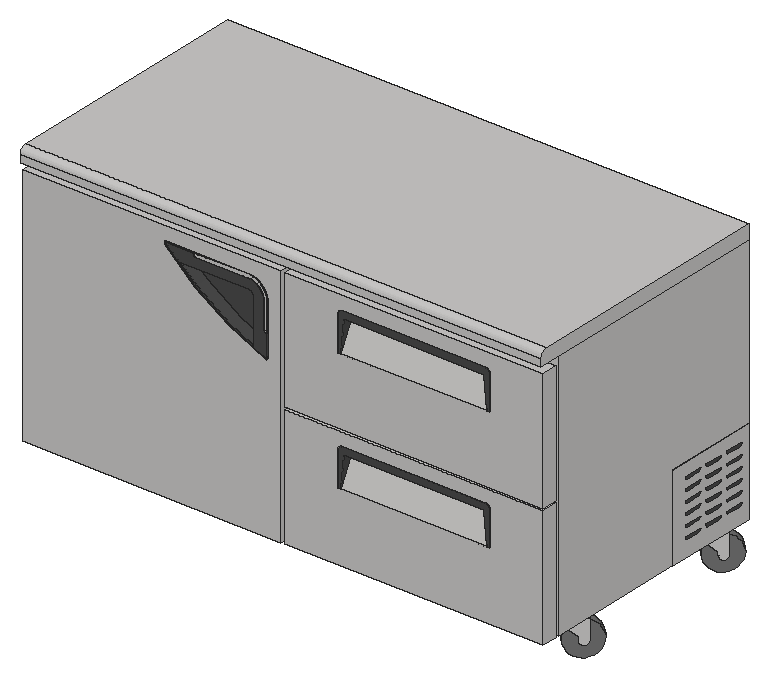
Revit family "QF_Turbo Air_TUR-60SD-D2", category Specialty Equipment, Revit 2012
Parameters
  Weight in Pounds = 288
  Watermarked By = "http://revitwatermark.com"
  Volts = 115 V
  URL Cutsheet = ""
  URL = "www.turboairinc.com"
  Status [instance] = ""
  Specification by User [instance] = ""
  Specification by Manufacturer [instance] = ""
  Serial Number [instance] = ""
  Revision Code [instance] = ""
  Phase = 1
  Number of Poles [instance] = 1
  NAFEM Spec ID Number [instance] = ""
  Model = "TUR-60SD-D2"
  Masterspec [instance] = ""
  Manufacturer = "Turbo Air"  # constant formula
  Legs [instance] = [6 inch Legs]  # no
  Item Number [instance] = "-"
  Installed By [instance] = ""
  HP = "1/3"
  Furnished By [instance] = ""
  Foodservice Equipment Identifier = yes
  FL Amps = 8.9 A
  Electrical Remarks [instance] = ""
  Electric Connection Type [instance] = ""
  Elec Conn RI Height [instance] = 0' - 0"
  Elec Conn Connection Height = 1' - 0"
  Description = "Undercounter Refrigerator"
  Cycle = 60 Hz
  Conn Plug = "NEMA 5-15P"
  Casters [instance] = not(Legs)  # yes
  CasterLeg Height [instance] = if([4 inch Casters], 0' 5", if([5 inch Casters], 0' 5 3/4", if([2_5 inch Casters], 0' 3 3/8", 0' 6")))  # 0' - 5"
  CSI MasterFormat = "11 41 13"
  Assembly Code = "E1090320"
  Apparent Power = if(Phase = 3, Volts * FL Amps * 1.73, Volts * FL Amps)  # 1023.5 VA
  6 inch Legs [instance] = no
  5 inch Casters [instance] = no
  4 inch Casters [instance] = yes
  2_5 inch Casters [instance] = no
Reference planes (in)
  plane 1 "BACK": y = 0
  plane 2: z = 0
  plane 3 "LEFT": x = -20.78844
  plane 4 "Bottom": z = 5
  plane 5 "Back Stops": y = 1
  plane 6 "RIGHT": x = 39.46156
  plane 7 "FRONT": y = -30
  plane 8 "Door Clearance": y = -57.875
  plane 9 "Back of Door": y = -27.875
  plane 10 "Front of Box": y = -27.375
  plane 11 "Top of Door": z = 33.125
  plane 12 "TOP": z = 35.625
  plane 13 "Bottom of TOP": z = 34
  plane 14 "Center LR": x = 9.33656
  plane 15: x = 9.52406
  plane 16: x = 9.14906
  plane 17: y = -42.75
Forms (in)
  Extrusion 1, solid, material "QF_Finishes_Stainless Steel"
    sketch origin (-20.78844, 0, 0) x (0, 1, 0) y (0, 0, 1)
      loop
        line (0, 5) -> (0, 34) -> (-27.375, 34) -> (-27.375, 5) -> (0, 5)
    from 0 to 60.25
  Extrusion 2, solid, material "QF_Finishes_Black"
    sketch origin (0, -27.375, 0) x (1, 0, 0) y (0, 0, 1)
      loop
        line (-19.78844, 32.125) -> (-19.78844, 6) -> (8.14906, 6) -> (8.14906, 32.125) -> (-19.78844, 32.125)
      loop
        line (10.52406, 32.125) -> (10.52406, 6) -> (38.46156, 6) -> (38.46156, 32.125) -> (10.52406, 32.125)
    from 0 to 0.5
  Extrusion 3, void
    sketch origin (39.46156, 0, 0) x (0, 1, 0) y (0, 0, 1)
      loop
        line (0, 5) -> (0, 15) -> (-11, 15) -> (-11, 5) -> (0, 5)
    from 0 to -1
  Extrusion 4, solid, material "QF_Finishes_Stainless Steel"
    sketch origin (39.46156, 0, 0) x (0, 1, 0) y (0, 0, 1)
      loop
        line (-10.875, 14.875) -> (-10.875, 5) -> (0, 5) -> (0, 14.875) -> (-10.875, 14.875)
      loop
        arc (-9.25, 13.5) -> (-9.10355, 13.14645) -> (-8.75, 13) r 0.5
        line (-8.75, 13) -> (-7.25, 13)
        arc (-7.25, 13) -> (-6.89645, 13.14645) -> (-6.75, 13.5) r 0.5
        line (-6.75, 13.5) -> (-9.25, 13.5)
      loop
        arc (-6.25, 13.5) -> (-6.10355, 13.14645) -> (-5.75, 13) r 0.5
        line (-5.75, 13) -> (-4.25, 13)
        arc (-4.25, 13) -> (-3.89645, 13.14645) -> (-3.75, 13.5) r 0.5
        line (-3.75, 13.5) -> (-6.25, 13.5)
      loop
        arc (-3.25, 13.5) -> (-3.10355, 13.14645) -> (-2.75, 13) r 0.5
        line (-2.75, 13) -> (-1.25, 13)
        arc (-1.25, 13) -> (-0.89645, 13.14645) -> (-0.75, 13.5) r 0.5
        line (-0.75, 13.5) -> (-3.25, 13.5)
      loop
        arc (-9.25, 12.25) -> (-9.10355, 11.89645) -> (-8.75, 11.75) r 0.5
        line (-8.75, 11.75) -> (-7.25, 11.75)
        arc (-7.25, 11.75) -> (-6.89645, 11.89645) -> (-6.75, 12.25) r 0.5
        line (-6.75, 12.25) -> (-9.25, 12.25)
      loop
        arc (-6.25, 12.25) -> (-6.10355, 11.89645) -> (-5.75, 11.75) r 0.5
        line (-5.75, 11.75) -> (-4.25, 11.75)
        arc (-4.25, 11.75) -> (-3.89645, 11.89645) -> (-3.75, 12.25) r 0.5
        line (-3.75, 12.25) -> (-6.25, 12.25)
      loop
        arc (-3.25, 12.25) -> (-3.10355, 11.89645) -> (-2.75, 11.75) r 0.5
        line (-2.75, 11.75) -> (-1.25, 11.75)
        arc (-1.25, 11.75) -> (-0.89645, 11.89645) -> (-0.75, 12.25) r 0.5
        line (-0.75, 12.25) -> (-3.25, 12.25)
      loop
        arc (-9.25, 11) -> (-9.10355, 10.64645) -> (-8.75, 10.5) r 0.5
        line (-8.75, 10.5) -> (-7.25, 10.5)
        arc (-7.25, 10.5) -> (-6.89645, 10.64645) -> (-6.75, 11) r 0.5
        line (-6.75, 11) -> (-9.25, 11)
      loop
        arc (-6.25, 11) -> (-6.10355, 10.64645) -> (-5.75, 10.5) r 0.5
        line (-5.75, 10.5) -> (-4.25, 10.5)
        arc (-4.25, 10.5) -> (-3.89645, 10.64645) -> (-3.75, 11) r 0.5
        line (-3.75, 11) -> (-6.25, 11)
      loop
        arc (-3.25, 11) -> (-3.10355, 10.64645) -> (-2.75, 10.5) r 0.5
        line (-2.75, 10.5) -> (-1.25, 10.5)
        arc (-1.25, 10.5) -> (-0.89645, 10.64645) -> (-0.75, 11) r 0.5
        line (-0.75, 11) -> (-3.25, 11)
      loop
        arc (-9.25, 9.75) -> (-9.10355, 9.39645) -> (-8.75, 9.25) r 0.5
        line (-8.75, 9.25) -> (-7.25, 9.25)
        arc (-7.25, 9.25) -> (-6.89645, 9.39645) -> (-6.75, 9.75) r 0.5
        line (-6.75, 9.75) -> (-9.25, 9.75)
      loop
        arc (-6.25, 9.75) -> (-6.10355, 9.39645) -> (-5.75, 9.25) r 0.5
        line (-5.75, 9.25) -> (-4.25, 9.25)
        arc (-4.25, 9.25) -> (-3.89645, 9.39645) -> (-3.75, 9.75) r 0.5
        line (-3.75, 9.75) -> (-6.25, 9.75)
      loop
        arc (-3.25, 9.75) -> (-3.10355, 9.39645) -> (-2.75, 9.25) r 0.5
        line (-2.75, 9.25) -> (-1.25, 9.25)
        arc (-1.25, 9.25) -> (-0.89645, 9.39645) -> (-0.75, 9.75) r 0.5
        line (-0.75, 9.75) -> (-3.25, 9.75)
      loop
        arc (-9.25, 8.5) -> (-9.10355, 8.14645) -> (-8.75, 8) r 0.5
        line (-8.75, 8) -> (-7.25, 8)
        arc (-7.25, 8) -> (-6.89645, 8.14645) -> (-6.75, 8.5) r 0.5
        line (-6.75, 8.5) -> (-9.25, 8.5)
      loop
        arc (-6.25, 8.5) -> (-6.10355, 8.14645) -> (-5.75, 8) r 0.5
        line (-5.75, 8) -> (-4.25, 8)
        arc (-4.25, 8) -> (-3.89645, 8.14645) -> (-3.75, 8.5) r 0.5
        line (-3.75, 8.5) -> (-6.25, 8.5)
      loop
        arc (-3.25, 8.5) -> (-3.10355, 8.14645) -> (-2.75, 8) r 0.5
        line (-2.75, 8) -> (-1.25, 8)
        arc (-1.25, 8) -> (-0.89645, 8.14645) -> (-0.75, 8.5) r 0.5
        line (-0.75, 8.5) -> (-3.25, 8.5)
      loop
        arc (-9.25, 7.25) -> (-9.10355, 6.89645) -> (-8.75, 6.75) r 0.5
        line (-8.75, 6.75) -> (-7.25, 6.75)
        arc (-7.25, 6.75) -> (-6.89645, 6.89645) -> (-6.75, 7.25) r 0.5
        line (-6.75, 7.25) -> (-9.25, 7.25)
      loop
        arc (-6.25, 7.25) -> (-6.10355, 6.89645) -> (-5.75, 6.75) r 0.5
        line (-5.75, 6.75) -> (-4.25, 6.75)
        arc (-4.25, 6.75) -> (-3.89645, 6.89645) -> (-3.75, 7.25) r 0.5
        line (-3.75, 7.25) -> (-6.25, 7.25)
      loop
        arc (-3.25, 7.25) -> (-3.10355, 6.89645) -> (-2.75, 6.75) r 0.5
        line (-2.75, 6.75) -> (-1.25, 6.75)
        arc (-1.25, 6.75) -> (-0.89645, 6.89645) -> (-0.75, 7.25) r 0.5
        line (-0.75, 7.25) -> (-3.25, 7.25)
    from 0 to -1
  Extrusion 5, solid, material "QF_Finishes_Black"
    sketch origin (39.46156, 0, 0) x (0, 1, 0) y (0, 0, 1)
      loop
        line (-9.875, 13.95221) -> (-9.875, 6.20221) -> (-0.375, 6.20221) -> (-0.375, 13.95221) -> (-9.875, 13.95221)
    from -0.125 to -1
  Extrusion 6, solid, material "QF_Finishes_Black"
    sketch origin (0, 0, 0) x (1, 0, 0) y (0, 0, 1)
      loop
        circle (-14.66344, 30.8125) r 0.5
      loop
        circle (33.33656, 30.8125) r 0.5
    from 0 to -1
  Extrusion 7, solid, material "QF_Finishes_Stainless Steel"
    sketch origin (0, 0, 0) x (1, 0, 0) y (0, 0, 1)
      loop
        circle (35.46156, 11.125) r 0.25
    from 0 to -0.0625
  Extrusion 8, solid, material "QF_Finishes_Polished Steel"
    sketch origin (-20.78844, 0, 0) x (0, 1, 0) y (0, 0, 1)
      loop
        line (0, 35.625) -> (-29.1875, 35.625)
        arc (-29.1875, 35.625) -> (-29.76202, 35.38702) -> (-30, 34.8125) r 0.8125
        line (-30, 34.8125) -> (-30, 34) -> (0, 34) -> (0, 35.625)
    from 0 to 60.25
Cuts and joins
  Extrusion 3 cuts Extrusion 1
Lines and regions (in)
  symbolic lines
    curve 1: line (-20.78844, 0, 35.875) -> (39.46156, 0, 35.875)
    curve 2: line (-20.78844, -30, 35.875) -> (-20.78844, 0, 35.875)
    curve 3: line (39.46156, -30, 35.875) -> (-20.78844, -30, 35.875)
    curve 4: line (39.46156, 0, 35.875) -> (39.46156, -30, 35.875)
    curve 5: line (32.83656, 1, 35.875) -> (33.83656, 1, 35.875)
    curve 6: line (-15.16344, 1, 35.875) -> (-14.16344, 1, 35.875)
    curve 7: line (-15.16344, 1, 35.875) -> (-15.16344, 0, 35.875)
    curve 8: line (-14.16344, 1, 35.875) -> (-14.16344, 0, 35.875)
    curve 9: line (32.83656, 1, 35.875) -> (32.83656, 0, 35.875)
    curve 10: line (33.83656, 1, 35.875) -> (33.83656, 0, 35.875)
  symbolic lines, style "QF_Clearances", detail levels coarse
    curve 11: line (-20.78844, -30, 35.875) -> (-20.78844, -57.875, 35.875)
    curve 12: arc (-20.78844, -57.875, 35.875) -> (-0.34034, -49.82665, 35.875) -> (9.1362, -30, 35.875) r 30
    curve 13: line (9.52406, -30, 35.875) -> (9.52406, -42.75, 35.875)
    curve 14: line (9.52406, -42.75, 35.875) -> (39.46156, -42.75, 35.875)
    curve 15: line (39.46156, -42.75, 35.875) -> (39.46156, -30, 35.875)
Dimensions and locks (in)
  "CasterLeg Height": plane 4 "Bottom" to plane 2
  locked: plane 1 "BACK" to plane 5 "Back Stops" at 1
  locked: plane 6 "RIGHT" to plane 3 "LEFT" at 60.25
  locked: plane 7 "FRONT" to plane 1 "BACK" at 30
  locked: plane 9 "Back of Door" to plane 10 "Front of Box" at 0.5
  locked: plane 8 "Door Clearance" to plane 1 "BACK" at 57.875
  locked: plane 11 "Top of Door" to Extrusion 2 sketch curve at 1  (x2)
  locked: Extrusion 2 sketch curve to plane 3 "LEFT" at 1
  locked: Extrusion 2 sketch curve to plane 4 "Bottom" at 1  (x2)
  locked: Extrusion 3 sketch curve to plane 1 "BACK" at 11
  locked: Extrusion 3 sketch curve to plane 4 "Bottom" at 10
  locked: plane 4 "Bottom" to Extrusion 4 sketch curve at 9.875
  locked: Extrusion 4 sketch curve to plane 1 "BACK" at 10.875
  locked: Extrusion 5 sketch curve to Extrusion 5 sketch curve at 7.75
  locked: Extrusion 5 sketch curve to plane 4 "Bottom" at 1.20221
  locked: Extrusion 5 sketch curve to Extrusion 5 sketch curve at 9.5
  locked: Extrusion 5 sketch curve to plane 1 "BACK" at 0.375
  locked: nested 1 to plane 1 "BACK" at 2.5625
  locked: plane 3 "LEFT" to nested 1 at 2.5
  locked: plane 3 "LEFT" to nested 2 at 2.5
  locked: plane 10 "Front of Box" to nested 2 at 4.625
  locked: nested 3 to plane 6 "RIGHT" at 2.5
  locked: nested 4 to plane 6 "RIGHT" at 2.5
  locked: plane 10 "Front of Box" to nested 4 at 4.625
  locked: nested 3 to plane 1 "BACK" at 2.5625
  locked: plane 6 "RIGHT" to Extrusion 6 sketch curve at 6.125
  locked: Extrusion 6 sketch curve to plane 3 "LEFT" at 6.125
  locked: Extrusion 7 sketch curve to plane 4 "Bottom" at 6.125
  locked: plane 6 "RIGHT" to Extrusion 7 sketch curve at 4
  locked: plane 12 "TOP" to plane 4 "Bottom" at 30.625
  locked: plane 12 "TOP" to plane 13 "Bottom of TOP" at 1.625
  locked: plane 13 "Bottom of TOP" to plane 11 "Top of Door" at 0.875
  plane 9 "Back of Door" to plane 1 "BACK" = 2' - 3 7/8"
  equal spacing: plane 3 "LEFT", plane 14 "Center LR", plane 6 "RIGHT"
  plane 16 to plane 14 "Center LR" to plane 15 = 0' - 0 3/16" locked, 0' - 0 3/16" locked
  locked: Extrusion 2 sketch curve to plane 16 at 1
  locked: Extrusion 2 sketch curve to plane 6 "RIGHT" at 1
  locked: Extrusion 2 sketch curve to plane 15 at 1
  locked: plane 17 to plane 7 "FRONT" at 12.75
  aligned and locked: level to plane 2
  aligned and locked: Extrusion 1 sketch curve to plane 1 "BACK"
  aligned and locked: Extrusion 1 sketch curve to plane 4 "Bottom"
  aligned and locked: plane 10 "Front of Box" to Extrusion 1 sketch curve
  aligned and locked: plane 6 "RIGHT" to Extrusion 1
  aligned and locked: plane 9 "Back of Door" to Extrusion 2
  aligned and locked: Extrusion 3 sketch curve to plane 1 "BACK"
  aligned and locked: Extrusion 3 sketch curve to plane 4 "Bottom"
  aligned and locked: Extrusion 6 to plane 5 "Back Stops"
  aligned and locked: plane 1 "BACK" to curve 1
  aligned and locked: curve 4 to plane 6 "RIGHT"
  aligned and locked: plane 3 "LEFT" to curve 2
  aligned and locked: curve 3 to plane 7 "FRONT"
  aligned and locked: curve 5 to Extrusion 6
  aligned and locked: curve 6 to Extrusion 6
  aligned and locked: Extrusion 1 sketch curve to plane 13 "Bottom of TOP"
  aligned and locked: plane 1 "BACK" to Extrusion 8 sketch curve
  aligned and locked: plane 13 "Bottom of TOP" to Extrusion 8 sketch curve
  aligned and locked: Extrusion 8 sketch curve to plane 7 "FRONT"
  aligned and locked: Extrusion 8 sketch curve to plane 12 "TOP"
  aligned and locked: plane 6 "RIGHT" to Extrusion 8
  aligned and locked: nested 5 to plane 4 "Bottom"
  aligned and locked: nested 6 to plane 4 "Bottom"
Automatic sketch dimensions
  Extrusion 4 sketch curve to plane 1 "BACK" = 0' - 0"
  Extrusion 4 sketch curve to plane 4 "Bottom" = 0' - 0"
  Extrusion 4 sketch curve to Extrusion 4 sketch curve = 0' - 1 5/8"
  Extrusion 4 sketch curve to Extrusion 4 sketch curve = 0' - 0"  (x16)
  Extrusion 4 sketch curve to Extrusion 4 sketch curve = 0' - 0 1/2"  (x31)
  Extrusion 4 sketch curve to Extrusion 4 sketch curve = 0' - 1 1/2"  (x4)
  plane 1 "BACK" to Extrusion 4 sketch curve = 0' - 1 1/4"  (x3)
  plane 4 "Bottom" to Extrusion 4 sketch curve = 0' - 1 3/4"  (x2)
  Extrusion 4 sketch curve to Extrusion 4 sketch curve = 0' - 0 3/4"  (x15)
  Extrusion 6 sketch curve to plane 11 "Top of Door" = 0' - 2 5/16"  (x2)
  Extrusion 8 sketch curve to plane 7 "FRONT" = 0' - 0 13/16"
  plane 8 "Door Clearance" to curve 11 = 0' - 0"
  plane 17 to curve 15 = 0' - 0"
  plane 9 "Back of Door" to curve 12 = 0' - 0"
  curve 13 to plane 15 = 0' - 0"
  curve 5 to plane 6 "RIGHT" = 0' - 5 5/8"
  curve 5 to curve 5 = 0' - 1"
  plane 3 "LEFT" to curve 6 = 0' - 6 5/8"
  curve 6 to curve 7 = 0' - 1"
  radius of Extrusion 6 sketch curve = 0' - 0 1/2"  (x2)
  radius of Extrusion 7 sketch curve = 0' - 0 1/4"
Nested families (in)
  nested 1: "FESCasterLeg" at (-18.28844, -2.5625, 0), Legs <- "Legs", Casters <- "Casters", Height <- "CasterLeg Height", type "FESCasterLeg"
    with Legs no, Height 0' - 5", Casters yes, Caster Radius 0' - 2"
  nested 2: "FESCasterLeg" at (-18.28844, -22.75, 0), Legs <- "Legs", Casters <- "Casters", Height <- "CasterLeg Height", type "FESCasterLeg"
    with Legs no, Height 0' - 5", Casters yes, Caster Radius 0' - 2"
  nested 3: "FESCasterLeg" at (36.96156, -2.5625, 0), Legs <- "Legs", Casters <- "Casters", Height <- "CasterLeg Height", type "FESCasterLeg"
    with Legs no, Height 0' - 5", Casters yes, Caster Radius 0' - 2"
  nested 4: "FESCasterLeg" at (36.96156, -22.75, 0), Legs <- "Legs", Casters <- "Casters", Height <- "CasterLeg Height", type "FESCasterLeg"
    with Legs no, Height 0' - 5", Casters yes, Caster Radius 0' - 2"
  nested 5: "QF_Turbo Air_TBL_Door-2" at (-5.61177, -27.875, 5), type "QF_Turbo Air_TBL_Door-2"
    with Width 2' - 5 15/16", Symbolic Lines no, Height 2' - 4 1/8", Depth 0' - 1 13/16"
  nested 6: "QF_Turbo Air_TBL_Drawer" at (24.70073, -27.875, 5), type "QF_Turbo Air_TBL_Drawer"
    with Width 2' - 5 15/16", Symbolic Lines no, Height 2' - 4 1/8", Depth 0' - 1 13/16"
Connectors (in)
  electrical at (35.46156, 0.0625, 11.125), driven by "Number of Poles", driven by "Volts", driven by "Apparent Power"
    settings: on Extrusion 7, index 1, voltage 115 V, apparent load 1023.5 VA, apparent load phase1 0 VA, apparent load phase2 0 VA, apparent load phase3 0 VA, power factor 1, load classification "Other", number of poles 1, system type 30, power factor state 1, is connector primary yes, connector utility no, sub classification motor no, connector description ""
Definition of nested family "FESCasterLeg"
  Parameters (values of type "FESCasterLeg")
    Watermarked By = "http://revitwatermark.com"
    Type Comments = "⍁⍉⌁⌀⏭⎽⌇⍠⌜⍉⎖⌥⌦⌯⍭⏊⍻⍿⍊⏵⍊⏗⏠⍴⎡⌈⎀⍠⌓⌤⏘⎐⍀⌐⏬⏁⎈⏍⏦⎒⏬⌝⍩⍇⌣〈⎫〉⎁⏊⍥⍖⍥⍝⍦⌖⍀⏌⏭⎝⎼⏷⏞⍻⏯⎽⏷⏞⍻⏯⎽⏷⎺⌻⎝⍎⌧⏷⏟⏿⌿⍜⍦⍤⌁⍬⏶⏎⍊⏚⏉⎞⌡⎀⎪⏈⌟⌿⍾⍼⌟⌿⌢⌞⏜⏝⎽⍷⍷⍯⍧⍷⌯⍽⏸⏨⏾⏎⌣⏺⍹⏼⏅⎏⌽⎫⎪⍙⎓⏗⎗⏅⌴⍏⍏⍿⏑⎺⍘⌭⏲⍥⎛⎾⎾⍞⍌⎪⎲⌙⎥⏏⎟⎟⏼⏘⎏⎝⏧⏍⏁⍏⍧⏯⏾⌟"
    Legs [instance] = yes
    Height [instance] = 0' - 6"
    Caster Radius [instance] = if(Height < 0' 3", 0' 1", (Height / 2) - 0' 0 1/2")  # 0' - 2 1/2"
    Casters [instance] = yes
    Assembly Code = ""
  Reference planes (in)
    plane 1 "Center (Front/Back)": y = 0
    plane 2: z = 0
    plane 3 "Center (Left/Right)": x = 0
    plane 4: z = 6
    plane 5: z = 5.5
  Forms (in)
    Extrusion 1, solid, material "QF_Finishes_Stainless Steel", visible <- "Casters"
      sketch origin (-24.12131, -22.88887, 10.18833) x (0.707107, 0.707107, 0) y (0, 0, 1)
        loop
          line (34.98772, -7.68833) -> (34.98772, -4.93833) -> (34.48772, -4.93833) -> (34.39402, -4.68833) -> (32.39402, -4.68833) -> (32.39402, -5.43833) -> (33.98772, -7.34206) -> (33.98772, -7.68833)
          arc (33.98772, -7.68833) -> (34.48772, -8.18833) -> (34.98772, -7.68833) r 0.5
      from 0 to 1.75
    Extrusion 2, solid, material "QF_Finishes_Rubber Black", visible <- "Casters"
      sketch origin (-24.32327, -23.09083, 13.31461) x (0.707107, 0.707107, 0) y (0, 0, 1)
        loop
          circle (34.77334, -10.81461) r 2.5
      from 0.375 to 1.375
    Extrusion 3, solid, material "QF_Finishes_Stainless Steel", visible <- "Casters"
      sketch origin (-7.24148, -8.48391, 0) x (0.707107, 0.707107, 0) y (0, 0, 1)
        loop
          line (10.61603, 5.5) -> (11.61603, 5.5) -> (11.61603, 6) -> (10.61603, 6) -> (10.61603, 5.5)
      from 0 to -1.75
    Blend 4, solid, material "QF_Finishes_Stainless Steel", visible <- "Legs"
      base sketch origin (0, 0, 0) x (1, 0, 0) y (0, 1, 0)
        loop
          circle (0, 0) r 0.5
      top sketch origin (0, 0, 0) x (1, 0, 0) y (0, 1, 0)
        loop
          circle (0, 0) r 1
      from 0 to 6 <- "Height"
  Lines and regions (in)
    symbolic lines, style "QF_Hidden Details", visible <- "Casters", built-in parameter 1006206 <- "Casters"
      curve 1: line (-1.26158, -0.51911, 0) -> (1.39007, 2.13254, 0)
      curve 2: line (-0.53429, -1.24639, 0) -> (2.11736, 1.40526, 0)
    symbolic lines, style "QF_Hidden Details", built-in parameter 1006206 <- "Casters", visible <- "Casters"
      curve 3: line (-1.26158, -0.51911, 0) -> (1.39007, 2.13254, 0)
      curve 4: line (-0.53429, -1.24639, 0) -> (2.11736, 1.40526, 0)
  Dimensions and locks (in)
    locked: plane 4 to plane 5 at 0.5
    "Height": plane 4 to level
    "Caster Radius": Extrusion 2 sketch curve to level
    "Caster Radius": Extrusion 1 sketch curve to level
    "Caster Radius": radius of Extrusion 2 sketch curve
    aligned and locked: plane 2 to level
    aligned: Blend 4 to Extrusion 3
    aligned and locked: plane 4 to Blend 4
    aligned and locked: Extrusion 3 to plane 5
    aligned and locked: plane 4 to Extrusion 3
    aligned and locked: plane 5 to Extrusion 1
  Automatic sketch dimensions
    plane 1 "Center (Front/Back)" to curve 3 = 0' - 0.51911"
    curve 3 to plane 3 "Center (Left/Right)" = 0' - 1.26158"
    plane 1 "Center (Front/Back)" to curve 1 = 0' - 0.51911"
    curve 1 to curve 3 = 0' - 0"  (x3)
    curve 4 to plane 3 "Center (Left/Right)" = 0' - 0.53429"
    curve 2 to curve 4 = 0' - 0"  (x2)
    plane 3 "Center (Left/Right)" to curve 3 = 0' - 1.39007"
    curve 1 to curve 4 = 0' - 0.72729"
    curve 2 to curve 1 = 0' - 0.72729"
    curve 4 to curve 2 = 0' - 0"  (x2)
    curve 2 to plane 1 "Center (Front/Back)" = 0' - 1.40526"
    curve 2 to curve 3 = 0' - 0.72729"
    plane 5 to Extrusion 1 sketch curve = 0' - 0"
    Extrusion 1 sketch curve to Extrusion 1 sketch curve = 0' - 1.5937"
    Extrusion 1 sketch curve to Extrusion 1 sketch curve = 0' - 2"
    Extrusion 1 sketch curve to Extrusion 1 sketch curve = 0' - 0.0937"
    Extrusion 1 sketch curve to Extrusion 1 sketch curve = 0' - 0 1/2"
    Extrusion 1 sketch curve to Extrusion 1 sketch curve = 0' - 0.34627"
    Extrusion 1 sketch curve to plane 5 = 0' - 0 3/4"
    Extrusion 1 sketch curve to plane 5 = 0' - 0 1/4"
    Extrusion 3 sketch curve to plane 5 = 0' - 0"
    plane 4 to Extrusion 3 sketch curve = 0' - 0"
    Extrusion 3 sketch curve to Extrusion 3 sketch curve = 0' - 1"
    plane 1 "Center (Front/Back)" to Blend 4 sketch curve = 0' - 0"  (x2)
    Blend 4 sketch curve to plane 3 "Center (Left/Right)" = 0' - 0"  (x2)
    radius of Blend 4 sketch curve = 0' - 0 1/2"
    radius of Blend 4 sketch curve = 0' - 1"
Definition of nested family "QF_Turbo Air_TBL_Door-2"
  Parameters (values of type "QF_Turbo Air_TBL_Door-2")
    Width [instance] = 1' - 6"
    Watermarked By = "http://revitwatermark.com"
    Symbolic Lines [instance] = yes
    Manufacturer = "Turbo Air"  # constant formula
    Height [instance] = 2' - 3 1/2"
    Depth [instance] = 0' - 1 13/16"
  Reference planes (in)
    plane 1 "BACK": y = 0
    plane 2: z = 0
    plane 3 "LEFT": x = -15.17667
    plane 4: x = 2.82333
    plane 5 "FRONT": y = -1.8125
    plane 6: z = 27.5
  Forms (in)
    Extrusion 1, solid, material "QF_Finishes_Stainless Steel"
      sketch origin (0, 0, 0) x (1, 0, 0) y (0, 0, 1)
        loop
          line (-15.17667, 27.5) -> (-15.17667, 0) -> (2.82333, 0) -> (2.82333, 27.5) -> (-15.17667, 27.5)
        loop
          arc (1.26083, 23.75) -> (0.62013, 25.2968) -> (-0.92667, 25.9375) r 2.1875
          line (-0.92667, 25.9375) -> (-10.51602, 25.9375)
          arc (-10.51602, 25.9375) -> (-10.68463, 25.82502) -> (-10.64553, 25.62614) r 0.18261
          arc (-10.64553, 25.62614) -> (-5.27313, 21.0225) -> (1.01159, 17.7731) r 30.65514
          arc (1.01159, 17.7731) -> (1.18191, 17.79728) -> (1.26083, 17.95014) r 0.1875
          line (1.26083, 17.95014) -> (1.26083, 23.75)
      from 0 to 1.8125
    Extrusion 2, solid, material "QF_Finishes_Black"
      sketch origin (0, 0, 0) x (1, 0, 0) y (0, 0, 1)
        loop
          arc (-10.51602, 25.9375) -> (-10.68463, 25.82502) -> (-10.64553, 25.62614) r 0.18261
          arc (-10.64553, 25.62614) -> (-5.27313, 21.0225) -> (1.01159, 17.7731) r 30.65514
          arc (1.01159, 17.7731) -> (1.18191, 17.79728) -> (1.26083, 17.95014) r 0.1875
          line (1.26083, 17.95014) -> (1.26083, 23.75)
          arc (1.26083, 23.75) -> (0.62013, 25.2968) -> (-0.92667, 25.9375) r 2.1875
          line (-0.92667, 25.9375) -> (-10.51602, 25.9375)
      from 0 to 0.25
    Extrusion 3, solid, material "QF_Finishes_Black"
      sketch origin (0, -1.8125, 0) x (1, 0, 0) y (0, 0, 1)
        loop
          arc (-10.51602, 25.9375) -> (-10.68463, 25.82502) -> (-10.64553, 25.62614) r 0.18261
          arc (-10.64553, 25.62614) -> (-5.27313, 21.0225) -> (1.01159, 17.7731) r 30.65514
          arc (1.01159, 17.7731) -> (1.18191, 17.79728) -> (1.26083, 17.95014) r 0.1875
          line (1.26083, 17.95014) -> (1.26083, 23.75)
          arc (1.26083, 23.75) -> (0.62013, 25.2968) -> (-0.92667, 25.9375) r 2.1875
          line (-0.92667, 25.9375) -> (-10.51602, 25.9375)
        loop
          arc (-10.3612, 25.6875) -> (-5.1116, 21.21513) -> (1.01083, 18.04082) r 30.40514
          line (1.01083, 18.04082) -> (1.01083, 23.75)
          arc (1.01083, 23.75) -> (0.44335, 25.12002) -> (-0.92667, 25.6875) r 1.9375
          line (-0.92667, 25.6875) -> (-10.3612, 25.6875)
      from 0 to -1.5625
    Extrusion 4, solid, material "QF_Finishes_Stainless Steel"
      sketch origin (0, -1.8125, 0) x (1, 0, 0) y (0, 0, 1)
        loop
          line (0.8693, 23.74703) -> (0.8693, 20.9359)
          arc (0.8693, 20.9359) -> (0.97619, 20.67783) -> (1.23426, 20.57094) r 0.36497
          line (1.23426, 20.57094) -> (1.23426, 23.75728)
          arc (1.23426, 23.75728) -> (0.60343, 25.28026) -> (-0.91955, 25.9111) r 2.15381
          line (-0.91955, 25.9111) -> (-7.29364, 25.9111)
          arc (-7.29364, 25.9111) -> (-7.18686, 25.6533) -> (-6.92907, 25.54652) r 0.36457
          line (-6.92907, 25.54652) -> (-0.9302, 25.54652)
          arc (-0.9302, 25.54652) -> (0.34224, 25.01946) -> (0.8693, 23.74703) r 1.79949
      from 0 to 0.0625
    Extrusion 5, solid, material "QF_Finishes_Black"
      sketch origin (0, -1.8125, 0) x (1, 0, 0) y (0, 0, 1)
        loop
          line (-7.29579, 25.91713) -> (-10.23685, 25.91713)
          arc (-10.23685, 25.91713) -> (-10.4057, 25.80626) -> (-10.37109, 25.60724) r 0.18402
          arc (-10.37109, 25.60724) -> (-9.82156, 25.0362) -> (-9.25736, 24.47964) r 30.46741
          arc (-9.25736, 24.47964) -> (-9.13766, 24.40221) -> (-8.99771, 24.37509) r 0.37471
          line (-8.99771, 24.37509) -> (-0.92669, 24.37509)
          arc (-0.92669, 24.37509) -> (-0.48472, 24.19202) -> (-0.30165, 23.75005) r 0.62505
          line (-0.30165, 23.75005) -> (-0.30165, 18.75593)
          arc (-0.30165, 18.75593) -> (-0.23944, 18.54909) -> (-0.07345, 18.41087) r 0.375
          arc (-0.07345, 18.41087) -> (0.46451, 18.18804) -> (1.00663, 17.97553) r 30.46765
          arc (1.00663, 17.97553) -> (1.17982, 17.99636) -> (1.26095, 18.15079) r 0.18755
          line (1.26095, 18.15079) -> (1.26095, 20.57213)
          arc (1.26095, 20.57213) -> (0.98629, 20.66883) -> (0.87001, 20.93579) r 0.36461
          line (0.87001, 20.93579) -> (0.87001, 23.74835)
          arc (0.87001, 23.74835) -> (0.34256, 25.02175) -> (-0.93084, 25.54921) r 1.80086
          line (-0.93084, 25.54921) -> (-6.92787, 25.54921)
          arc (-6.92787, 25.54921) -> (-7.18803, 25.65697) -> (-7.29579, 25.91713) r 0.36792
      from 0 to 0.0625
  Lines and regions (in)
    symbolic lines, visible <- "Symbolic Lines"
      curve 1: line (-15.17667, 0, 25.96875) -> (2.82333, 0, 25.96875)
      curve 2: line (-15.17667, -1.8125, 25.96875) -> (-15.17667, 0, 25.96875)
      curve 3: line (2.82333, -1.8125, 25.96875) -> (-15.17667, -1.8125, 25.96875)
      curve 4: line (2.82333, 0, 25.96875) -> (2.82333, -1.8125, 25.96875)
  Dimensions and locks (in)
    "Width": plane 4 to plane 3 "LEFT"
    "Depth": plane 5 "FRONT" to plane 1 "BACK"
    "Height": plane 6 to plane 2
    locked: plane 4 to Extrusion 1 sketch curve at 3.75
    locked: plane 6 to Extrusion 1 sketch curve at 3.75
    locked: plane 6 to Extrusion 1 sketch curve at 9.54986
    locked: plane 4 to Extrusion 1 sketch curve at 1.5625
    locked: plane 6 to Extrusion 1 sketch curve at 1.5625
    locked: plane 4 to Extrusion 1 sketch curve at 13.33935
    locked: plane 6 to Extrusion 1 sketch curve at 1.87386
    locked: plane 6 to Extrusion 1 sketch curve at 9.7269
    locked: plane 4 to Extrusion 1 sketch curve at 1.81175
    locked: plane 4 to Extrusion 1 sketch curve at 13.46886
    locked: Extrusion 4 sketch curve to Extrusion 4 sketch curve at 0.36457
    locked: Extrusion 4 sketch curve to Extrusion 4 sketch curve at 0.36497
    locked: plane 4 to Extrusion 4 sketch curve at 1.58907
    locked: plane 6 to Extrusion 4 sketch curve at 1.5889
    plane 4 to Extrusion 4 sketch curve = 0' - 10.11697"
    locked: plane 4 to Extrusion 4 sketch curve at 9.7524
    locked: plane 4 to Extrusion 4 sketch curve at 3.74288
    locked: plane 4 to Extrusion 4 sketch curve at 3.75353
    locked: plane 6 to Extrusion 4 sketch curve at 3.74272
    locked: plane 6 to Extrusion 4 sketch curve at 3.75297
    locked: plane 6 to Extrusion 4 sketch curve at 6.92906
    locked: plane 6 to Extrusion 4 sketch curve at 6.5641
    locked: plane 4 to Extrusion 2 sketch curve at 3.75
    locked: plane 4 to Extrusion 2 sketch curve at 13.33935
    locked: plane 4 to Extrusion 2 sketch curve at 13.46886
    locked: plane 4 to Extrusion 2 sketch curve at 1.81175
    locked: plane 4 to Extrusion 2 sketch curve at 1.5625
    locked: plane 4 to Extrusion 5 sketch curve at 1.56238
    locked: plane 4 to Extrusion 5 sketch curve at 1.95332
    locked: plane 4 to Extrusion 5 sketch curve at 3.75417
    locked: plane 4 to Extrusion 5 sketch curve at 9.75121
    locked: plane 4 to Extrusion 5 sketch curve at 10.11912
    locked: plane 4 to Extrusion 5 sketch curve at 13.06018
    locked: plane 4 to Extrusion 5 sketch curve at 13.19443
    locked: plane 4 to Extrusion 5 sketch curve at 12.0807
    locked: plane 4 to Extrusion 5 sketch curve at 11.82104
    locked: plane 4 to Extrusion 5 sketch curve at 3.75003
    locked: plane 4 to Extrusion 5 sketch curve at 3.12498
    locked: plane 4 to Extrusion 5 sketch curve at 2.89679
    locked: plane 4 to Extrusion 5 sketch curve at 1.81671
    aligned and locked: level to plane 2
    aligned and locked: Extrusion 1 sketch curve to plane 6
    aligned and locked: plane 3 "LEFT" to Extrusion 1 sketch curve
    aligned and locked: level to Extrusion 1 sketch curve
    aligned and locked: Extrusion 1 sketch curve to plane 4
    aligned and locked: plane 5 "FRONT" to Extrusion 1
    aligned and locked: plane 1 "BACK" to curve 1
    aligned and locked: plane 3 "LEFT" to curve 2
    aligned and locked: curve 3 to plane 5 "FRONT"
    aligned and locked: curve 4 to plane 4
    aligned and locked: Extrusion 3 sketch curve to Extrusion 1  (x4)
  Automatic sketch dimensions
    plane 4 to Extrusion 1 sketch curve = 0' - 9.03101"
    Extrusion 2 sketch curve to plane 6 = 0' - 1 9/16"
    Extrusion 2 sketch curve to Extrusion 2 sketch curve = 0' - 5.79986"
    Extrusion 2 sketch curve to Extrusion 2 sketch curve = 0' - 0.31136"
    plane 4 to Extrusion 2 sketch curve = 0' - 9.03101"
    Extrusion 2 sketch curve to Extrusion 2 sketch curve = 0' - 0.17704"
    Extrusion 3 sketch curve to Extrusion 3 sketch curve = 0' - 0.12951"
    Extrusion 3 sketch curve to Extrusion 3 sketch curve = 0' - 0.15482"
    Extrusion 3 sketch curve to Extrusion 3 sketch curve = 0' - 0"  (x4)
    Extrusion 3 sketch curve to Extrusion 3 sketch curve = 0' - 0.00075"
    Extrusion 3 sketch curve to Extrusion 3 sketch curve = 0' - 0.09068"
    Extrusion 5 sketch curve to Extrusion 5 sketch curve = 0' - 0"  (x4)
    Extrusion 5 sketch curve to Extrusion 5 sketch curve = 0' - 0.00072"
    Extrusion 5 sketch curve to Extrusion 5 sketch curve = 0' - 2.81256"
    Extrusion 5 sketch curve to Extrusion 5 sketch curve = 0' - 0.36461"
    Extrusion 5 sketch curve to Extrusion 5 sketch curve = 0' - 1.8162"
    Extrusion 5 sketch curve to plane 6 = 0' - 1.89276"
    Extrusion 5 sketch curve to Extrusion 5 sketch curve = 0' - 0.14681"
    Extrusion 5 sketch curve to Extrusion 5 sketch curve = 0' - 0.06678"
    Extrusion 5 sketch curve to plane 6 = 0' - 1.58287"
Definition of nested family "QF_Turbo Air_TBL_Drawer"
  Parameters (values of type "QF_Turbo Air_TBL_Drawer")
    Width [instance] = 2' - 5 5/16"
    Watermarked By = "http://revitwatermark.com"
    Symbolic Lines [instance] = yes
    Manufacturer = "Turbo Air"  # constant formula
    Height [instance] = 2' - 3 7/16"
    Depth [instance] = 0' - 1 13/16"
  Reference planes (in)
    plane 1 "BACK": y = 0
    plane 2: z = 0
    plane 3 "LEFT": x = -15.17667
    plane 4: x = 14.13583
    plane 5 "FRONT": y = -1.8125
    plane 6: z = 27.4375
    plane 7 "Handle Center": x = -0.52042
    plane 8 "Door Center": z = 13.71875
  Forms (in)
    Extrusion 1, solid, material "QF_Finishes_Black"
      sketch origin (-31.11417, 0, 15.01083) x (0, 0, -1) y (1, 0, 0)
        loop
          arc (-10.23917, 39.40625) -> (-10.63691, 39.2415) -> (-10.80167, 38.84375) r 0.5625
          line (-10.80167, 38.84375) -> (-10.80167, 22.34375)
          arc (-10.80167, 22.34375) -> (-10.63691, 21.946) -> (-10.23917, 21.78125) r 0.5625
          line (-10.23917, 21.78125) -> (-6.30167, 21.78125) -> (-6.30167, 22.125) -> (-9.98917, 22.44761) -> (-9.98917, 38.73989) -> (-6.30167, 39.0625) -> (-6.30167, 39.40625) -> (-10.23917, 39.40625)
        loop
          line (7.41708, 21.78125) -> (7.41708, 22.125) -> (3.72958, 22.44761) -> (3.72958, 38.73989) -> (7.41708, 39.0625) -> (7.41708, 39.40625) -> (3.47958, 39.40625)
          arc (3.47958, 39.40625) -> (3.08184, 39.2415) -> (2.91708, 38.84375) r 0.5625
          line (2.91708, 38.84375) -> (2.91708, 22.34375)
          arc (2.91708, 22.34375) -> (3.08184, 21.946) -> (3.47958, 21.78125) r 0.5625
          line (3.47958, 21.78125) -> (7.41708, 21.78125)
      from 0 to 1.8125
    Extrusion 2, solid, material "QF_Finishes_Stainless Steel"
      sketch origin (-9.36417, 0, 15.01083) x (0, 1, 0) y (0, 0, 1)
        loop
          line (-1.8125, 6.30167) -> (0, 6.30167) -> (0, 9.98917) -> (-0.47036, 9.98917) -> (-1.8125, 6.30167)
        loop
          line (-1.8125, -7.41708) -> (0, -7.41708) -> (0, -3.72958) -> (-0.47036, -3.72958) -> (-1.8125, -7.41708)
      from 0.375 to 17.3125
    Extrusion 3, solid, material "QF_Finishes_Stainless Steel"
      sketch origin (0, 0, 0) x (1, 0, 0) y (0, 0, 1)
        loop
          line (-15.17667, 27.4375) -> (-15.17667, 13.84375) -> (14.13583, 13.84375) -> (14.13583, 27.4375) -> (-15.17667, 27.4375)
        loop
          line (-15.17667, 0) -> (14.13583, 0) -> (14.13583, 13.59375) -> (-15.17667, 13.59375) -> (-15.17667, 0)
        loop
          arc (-8.77042, 25.8125) -> (-9.16816, 25.64775) -> (-9.33292, 25.25) r 0.5625
          line (-9.33292, 25.25) -> (-9.33292, 21.3125) -> (8.29208, 21.3125) -> (8.29208, 25.25)
          arc (8.29208, 25.25) -> (8.12733, 25.64775) -> (7.72958, 25.8125) r 0.5625
          line (7.72958, 25.8125) -> (-8.77042, 25.8125)
        loop
          arc (-8.77042, 12.09375) -> (-9.16816, 11.929) -> (-9.33292, 11.53125) r 0.5625
          line (-9.33292, 11.53125) -> (-9.33292, 7.59375) -> (8.29208, 7.59375) -> (8.29208, 11.53125)
          arc (8.29208, 11.53125) -> (8.12733, 11.929) -> (7.72958, 12.09375) r 0.5625
          line (7.72958, 12.09375) -> (-8.77042, 12.09375)
      from 0 to 1.8125
  Lines and regions (in)
    symbolic lines, visible <- "Symbolic Lines"
      curve 1: line (-15.17667, 0, 25.96875) -> (14.13583, 0, 25.96875)
      curve 2: line (-15.17667, -1.8125, 25.96875) -> (-15.17667, 0, 25.96875)
      curve 3: line (14.13583, -1.8125, 25.96875) -> (-15.17667, -1.8125, 25.96875)
      curve 4: line (14.13583, 0, 25.96875) -> (14.13583, -1.8125, 25.96875)
  Dimensions and locks (in)
    "Width": plane 4 to plane 3 "LEFT"
    "Depth": plane 5 "FRONT" to plane 1 "BACK"
    "Height": plane 6 to plane 2
    locked: Extrusion 3 sketch curve to Extrusion 3 sketch curve at 4.5  (x2)
    locked: plane 6 to Extrusion 3 sketch curve at 1.625
    locked: plane 6 to Extrusion 1 sketch curve at 1.625
    locked: Extrusion 1 sketch curve to Extrusion 1 sketch curve at 0.8125  (x2)
    locked: Extrusion 1 sketch curve to Extrusion 1 sketch curve at 4.5  (x4)
    locked: Extrusion 1 sketch curve to Extrusion 1 sketch curve at 0.66636  (x4)
    locked: plane 6 to Extrusion 2 sketch curve at 2.4375
    locked: Extrusion 2 sketch curve to Extrusion 2 sketch curve at 3.6875  (x2)
    locked: Extrusion 2 sketch curve to plane 5 "FRONT" at 1.34214  (x2)
    equal spacing: plane 3 "LEFT", plane 7 "Handle Center", plane 4
    equal spacing: plane 6, plane 8 "Door Center", level
    Extrusion 3 sketch curve to plane 8 "Door Center" to Extrusion 3 sketch curve = 0' - 0 1/8" locked, 0' - 0 1/8" locked
    Extrusion 3 sketch curve to plane 7 "Handle Center" to Extrusion 3 sketch curve = 0' - 8 13/16" locked, 0' - 8 13/16" locked  (x2)
    locked: plane 8 "Door Center" to Extrusion 3 sketch curve at 1.625
    Extrusion 1 sketch curve to plane 7 "Handle Center" to Extrusion 1 sketch curve = 0' - 8 13/16" locked, 0' - 8 13/16" locked  (x2)
    Extrusion 2 to plane 7 "Handle Center" to Extrusion 2 = 0' - 8 15/32" locked, 0' - 8 15/32" locked
    locked: plane 8 "Door Center" to Extrusion 1 sketch curve at 1.625
    locked: plane 8 "Door Center" to Extrusion 2 sketch curve at 2.4375
    aligned and locked: level to plane 2
    aligned and locked: Extrusion 3 sketch curve to plane 6
    aligned and locked: plane 3 "LEFT" to Extrusion 3 sketch curve  (x2)
    aligned and locked: level to Extrusion 3 sketch curve
    aligned and locked: Extrusion 3 sketch curve to plane 4  (x2)
    aligned and locked: plane 5 "FRONT" to Extrusion 3
    aligned and locked: Extrusion 2 sketch curve to plane 1 "BACK"  (x2)
    aligned and locked: plane 1 "BACK" to curve 1
    aligned and locked: plane 3 "LEFT" to curve 2
    aligned and locked: curve 3 to plane 5 "FRONT"
    aligned and locked: curve 4 to plane 4
  Automatic sketch dimensions
    Extrusion 1 sketch curve to Extrusion 1 sketch curve = 0' - 0 1/4"  (x4)
    Extrusion 1 sketch curve to Extrusion 1 sketch curve = 0' - 0 11/32"  (x4)
    Extrusion 2 sketch curve to plane 5 "FRONT" = 0' - 0"  (x2)
    Extrusion 3 sketch curve to Extrusion 3 sketch curve = 0' - 0 9/16"  (x4)
